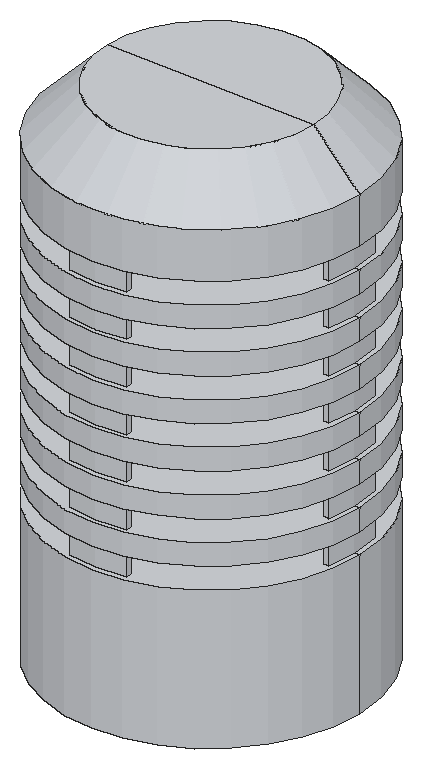
Revit family
Parameters (values of type "SBSP-003.5")
  Width = 2' - 4"
  URL = "www.strombergarchitectural.com"
  Top Material = GFRC
  Submittal Sheet = "www.strombergarchitectural.com/images/materials/gfrc/submittal/gfrc-submittal-sheet.pdf"
  Specifications = "www.strombergarchitectural.com/gfrcspecifications"
  Model Cut-sheet = "www.strombergarchitectural.com/products/bollards/design/SBSP-003"
  Model = "SBSP-003"
  Manufacturer = "Stromberg Architectural Products"
  Guidebook = "www.strombergarchitectural.com/images/materials/gfrc/handbooks/gfrc_guidebook.pdf"
  Frame Material = none
  Description = "GFRC Bollard"
  Assembly Code = ""
  Height = 4' - 0"
  XXX.5 = yes
  XXX.4 = no
  XXX.3 = no
  XXX.2 = no
  XXX.1 = no
Types (6): name | Width | Guidebook | Height | XXX.5 | XXX.4 | XXX.3 | XXX.2 | XXX.1
  (no name) | 2' - 4" | "www.strombergarchitectural.com/images/materials/gfrc/handbooks/gfrc_guidebook.pdf" | 4' - 0" | yes | no | no | no | no
  SBSP-003.3 | 1' - 9" | "www.strombergarchitectural.com/images/materials/gfrc/handbooks/gfrc_guidebook.pdf" | 3' - 0" | no | no | yes | no | no
  SBSP-003.1 | 1' - 0" | "www.strombergarchitectural.com/images/materials/gfrc/handbooks/gfrc_guidebook.pdf   \r\n(http://www.strombergarchitectural.com/images/materials/gfrc/handbooks/gfrc_guidebook.pdf" | 2' - 0" | no | no | no | no | yes
  SBSP-003.2 | 1' - 4" | "www.strombergarchitectural.com/images/materials/gfrc/handbooks/gfrc_guidebook.pdf" | 2' - 6" | no | no | no | yes | no
  SBSP-003.4 | 2' - 0" | "www.strombergarchitectural.com/images/materials/gfrc/handbooks/gfrc_guidebook.pdf" | 3' - 6" | no | yes | no | no | no
  SBSP-003.5 | 2' - 4" | "www.strombergarchitectural.com/images/materials/gfrc/handbooks/gfrc_guidebook.pdf" | 4' - 0" | yes | no | no | no | no
Reference planes (in)
  plane 1 "Center (Front/Back)": y = 3.74847
  plane 2: z = 0
  plane 3 "Center (Left/Right)": x = 0.7278
  plane 4 "Front": y = -3.25153
  plane 5 "Back": y = 10.74847
  plane 6 "Left": x = -17.2722
  plane 7 "Right": x = 18.7278
  plane 8: x = -1.93887
  plane 9: x = 3.39447
Forms (in)
  Revolve 1, solid, visible <- "XXX.1"
    sketch origin (0, 3.74847, 0) x (1, 0, 0) y (0, 0, 1)
      loop
        line (0.7278, 24) -> (-3.10553, 24) -> (-5.2722, 21.83333) -> (-5.2722, 19.66667) -> (-4.93887, 19.66667) -> (0.7278, 19.66667) -> (0.7278, 24)
      loop
        line (-5.2722, 18.66667) -> (-5.2722, 17.66667) -> (0.7278, 17.66667) -> (0.7278, 18.66667) -> (-5.2722, 18.66667)
      loop
        line (-5.2722, 16.66667) -> (-5.2722, 15.66667) -> (0.7278, 15.66667) -> (0.7278, 16.66667) -> (-5.2722, 16.66667)
      loop
        line (-5.2722, 14.66667) -> (-5.2722, 13.66667) -> (0.7278, 13.66667) -> (0.7278, 14.66667) -> (-5.2722, 14.66667)
      loop
        line (-5.2722, 12.66667) -> (-5.2722, 11.66667) -> (0.7278, 11.66667) -> (0.7278, 12.66667) -> (-5.2722, 12.66667)
      loop
        line (-5.2722, 10.66667) -> (-5.2722, 9.66667) -> (0.7278, 9.66667) -> (0.7278, 10.66667) -> (-5.2722, 10.66667)
      loop
        line (-5.2722, 8.66667) -> (-5.2722, 7.66667) -> (0.7278, 7.66667) -> (0.7278, 8.66667) -> (-5.2722, 8.66667)
      loop
        line (-5.2722, 6.66667) -> (-5.2722, 0) -> (0.7278, 0) -> (0.7278, 6.66667) -> (-5.2722, 6.66667)
      axis (0.7278, 0) -> (0.7278, 24)
    angle from 0 to 360
  Extrusion 2, solid, visible <- "XXX.1"
    sketch origin (0, 0, 0) x (1, 0, 0) y (0, 1, 0)
      loop
        arc (2.05593, 9.09963) -> (0.7278, 9.24128) -> (-0.60032, 9.09963) r 6.29686
        line (-0.60032, 9.09963) -> (-0.60032, 8.59963) -> (2.05593, 8.59963) -> (2.05593, 9.09963)
      loop
        arc (-0.60032, -1.60269) -> (0.7278, -1.75153) -> (2.05593, -1.60269) r 6
        line (2.05593, -1.60269) -> (2.05593, -1.10269) -> (-0.60032, -1.10269) -> (-0.60032, -1.60269)
      loop
        arc (-4.60032, 5.07659) -> (-4.77292, 3.76451) -> (-4.60032, 2.45243) r 5.07367
        line (-4.60032, 2.45243) -> (-4.10032, 2.45243) -> (-4.10032, 5.07659) -> (-4.60032, 5.07659)
      loop
        arc (6.07896, 2.42034) -> (6.2278, 3.74847) -> (6.07896, 5.07659) r 6
        line (6.07896, 5.07659) -> (5.57896, 5.07659) -> (5.57896, 2.42034) -> (6.07896, 2.42034)
    from 6.66667 to 19.58333
  Revolve 3, solid, visible <- "XXX.2"
    sketch origin (0, 3.74847, 0) x (1, 0, 0) y (0, 0, 1)
      loop
        line (0.7278, 30.07069) -> (-4.56387, 30.07069) -> (-7.2722, 27.36236) -> (-7.2722, 24.65403) -> (0.7278, 24.65403) -> (0.7278, 30.07069)
      loop
        line (0.7278, 23.40403) -> (-7.2722, 23.40403) -> (-7.2722, 22.15403) -> (0.7278, 22.15403) -> (0.7278, 23.40403)
      loop
        line (0.7278, 20.90403) -> (-7.2722, 20.90403) -> (-7.2722, 19.65403) -> (0.7278, 19.65403) -> (0.7278, 20.90403)
      loop
        line (0.7278, 18.40403) -> (-7.2722, 18.40403) -> (-7.2722, 17.15403) -> (0.7278, 17.15403) -> (0.7278, 18.40403)
      loop
        line (0.7278, 15.90403) -> (-7.2722, 15.90403) -> (-7.2722, 14.65403) -> (0.7278, 14.65403) -> (0.7278, 15.90403)
      loop
        line (0.7278, 13.40403) -> (-7.2722, 13.40403) -> (-7.2722, 12.15403) -> (0.7278, 12.15403) -> (0.7278, 13.40403)
      loop
        line (0.7278, 10.90403) -> (-7.2722, 10.90403) -> (-7.2722, 9.65403) -> (0.7278, 9.65403) -> (0.7278, 10.90403)
      loop
        line (0.7278, 8.40403) -> (-7.2722, 8.40403) -> (-7.2722, 0.07069) -> (0.7278, 0.07069) -> (0.7278, 8.40403)
      axis (0.7278, 30.07069) -> (0.7278, 0.07069)
    angle from 0 to 360
  Extrusion 4, solid, visible <- "XXX.2"
    sketch origin (0, 0, 0) x (1, 0, 0) y (0, 1, 0)
      loop
        arc (2.39968, 11.07182) -> (0.7278, 11.24847) -> (-0.94407, 11.07182) r 8
        line (-0.94407, 11.07182) -> (-0.94407, 10.57182) -> (2.39968, 10.57182) -> (2.39968, 11.07182)
      loop
        line (8.05115, 5.42034) -> (7.55115, 5.42034) -> (7.55115, 2.07659) -> (8.05115, 2.07659)
        arc (8.05115, 2.07659) -> (8.2278, 3.74847) -> (8.05115, 5.42034) r 8
      loop
        line (2.39968, -3.57488) -> (2.39968, -3.07488) -> (-0.94407, -3.07488) -> (-0.94407, -3.57488)
        arc (-0.94407, -3.57488) -> (0.7278, -3.75153) -> (2.39968, -3.57488) r 8
      loop
        arc (-6.59555, 5.42034) -> (-6.7722, 3.74847) -> (-6.59555, 2.07659) r 8
        line (-6.59555, 2.07659) -> (-6.09555, 2.07659) -> (-6.09555, 5.42034) -> (-6.59555, 5.42034)
    from 8.40403 to 24.65403
  Revolve 5, solid, visible <- "XXX.3"
    sketch origin (0, 3.74847, 0) x (1, 0, 0) y (0, 0, 1)
      loop
        line (0.7278, 36.07069) -> (-6.5222, 36.07069) -> (-9.7722, 32.82069) -> (-9.7722, 29.57069) -> (0.7278, 29.57069) -> (0.7278, 36.07069)
      loop
        line (0.7278, 28.07069) -> (-9.7722, 28.07069) -> (-9.7722, 26.57069) -> (0.7278, 26.57069) -> (0.7278, 28.07069)
      loop
        line (0.7278, 25.07069) -> (-9.7722, 25.07069) -> (-9.7722, 23.57069) -> (0.7278, 23.57069) -> (0.7278, 25.07069)
      loop
        line (0.7278, 22.07069) -> (-9.7722, 22.07069) -> (-9.7722, 20.64702) -> (0.7278, 20.64702) -> (0.7278, 22.07069)
      loop
        line (0.7278, 19.07069) -> (-9.7722, 19.07069) -> (-9.7722, 17.57069) -> (0.7278, 17.57069) -> (0.7278, 19.07069)
      loop
        line (0.7278, 16.07069) -> (-9.7722, 16.07069) -> (-9.7722, 14.57069) -> (0.7278, 14.57069) -> (0.7278, 16.07069)
      loop
        line (0.7278, 13.07069) -> (-9.7722, 13.07069) -> (-9.7722, 11.57069) -> (0.7278, 11.57069) -> (0.7278, 13.07069)
      loop
        line (0.7278, 10.07069) -> (-9.7722, 10.07069) -> (-9.7722, 0) -> (0.7278, 0) -> (0.7278, 10.07069)
      axis (0.7278, 36.07069) -> (0.7278, 0)
    angle from 0 to 360
  Extrusion 6, solid, visible <- "XXX.3"
    sketch origin (0, 0, 0) x (1, 0, 0) y (0, 1, 0)
      loop
        arc (2.7278, 13.55623) -> (0.7278, 13.74847) -> (-1.2722, 13.55623) r 10.5
        line (-1.2722, 13.55623) -> (-1.2722, 13.05623) -> (2.7278, 13.05623) -> (2.7278, 13.55623)
      loop
        line (10.53556, 5.74847) -> (10.03556, 5.74847) -> (10.03556, 1.74847) -> (10.53556, 1.74847)
        arc (10.53556, 1.74847) -> (10.7278, 3.74847) -> (10.53556, 5.74847) r 10.5
      loop
        arc (-9.07996, 5.74847) -> (-9.2722, 3.74847) -> (-9.07996, 1.74847) r 10.5
        line (-9.07996, 1.74847) -> (-8.57996, 1.74847) -> (-8.57996, 5.74847) -> (-9.07996, 5.74847)
      loop
        line (2.7278, -6.0593) -> (2.7278, -5.5593) -> (-1.2722, -5.5593) -> (-1.2722, -6.0593)
        arc (-1.2722, -6.0593) -> (0.7278, -6.25153) -> (2.7278, -6.0593) r 10.5
    from 10.07069 to 29.57069
  Revolve 7, solid, visible <- "XXX.4"
    sketch origin (0, 3.74847, 0) x (1, 0, 0) y (0, 0, 1)
      loop
        line (0.7278, 11.73736) -> (-11.2722, 11.73736) -> (-11.2722, 0) -> (0.7278, 0) -> (0.7278, 11.73736)
      loop
        line (0.7278, 15.23736) -> (-11.2722, 15.23736) -> (-11.2722, 13.48736) -> (0.7278, 13.48736) -> (0.7278, 15.23736)
      loop
        line (0.7278, 18.73736) -> (-11.2722, 18.73736) -> (-11.2722, 16.98736) -> (0.7278, 16.98736) -> (0.7278, 18.73736)
      loop
        line (0.7278, 22.23736) -> (-11.2722, 22.23736) -> (-11.2722, 20.48736) -> (0.7278, 20.48736) -> (0.7278, 22.23736)
      loop
        line (0.7278, 25.73736) -> (-11.2722, 25.73736) -> (-11.2722, 23.98736) -> (0.7278, 23.98736) -> (0.7278, 25.73736)
      loop
        line (0.7278, 29.23736) -> (-11.2722, 29.23736) -> (-11.2722, 27.48736) -> (0.7278, 27.48736) -> (0.7278, 29.23736)
      loop
        line (0.7278, 32.73736) -> (-11.2722, 32.73736) -> (-11.2722, 30.98736) -> (0.7278, 30.98736) -> (0.7278, 32.73736)
      loop
        line (0.7278, 42.07069) -> (-7.48053, 42.07069) -> (-11.2722, 38.27903) -> (-11.2722, 34.48736) -> (0.7278, 34.48736) -> (0.7278, 42.07069)
      axis (0.7278, 42.07069) -> (0.7278, 0)
    angle from 0 to 360
  Extrusion 8, solid, visible <- "XXX.4"
    sketch origin (0, 0, 0) x (1, 0, 0) y (0, 1, 0)
      loop
        arc (3.06113, 15.01943) -> (0.7278, 15.24847) -> (-1.60553, 15.01943) r 12
        line (-1.60553, 15.01943) -> (-1.60553, 14.51943) -> (3.06113, 14.51943) -> (3.06113, 15.01943)
      loop
        line (11.99876, 6.0818) -> (11.49876, 6.0818) -> (11.49876, 1.41513) -> (11.99876, 1.41513)
        arc (11.99876, 1.41513) -> (12.2278, 3.74847) -> (11.99876, 6.0818) r 12
      loop
        arc (-10.54316, 6.0818) -> (-10.7722, 3.74847) -> (-10.54316, 1.41513) r 12
        line (-10.54316, 1.41513) -> (-10.04316, 1.41513) -> (-10.04316, 6.0818) -> (-10.54316, 6.0818)
      loop
        line (3.06113, -7.52249) -> (3.06113, -7.02249) -> (-1.60553, -7.02249) -> (-1.60553, -7.52249)
        arc (-1.60553, -7.52249) -> (0.7278, -7.75153) -> (3.06113, -7.52249) r 12
    from 11.73736 to 34.48736
  Revolve 9, solid, visible <- "XXX.5"
    sketch origin (0, 3.74847, 0) x (1, 0, 0) y (0, 0, 1)
      loop
        line (0.7278, 48.07069) -> (-8.93887, 48.07069) -> (-13.2722, 43.73736) -> (-13.2722, 39.40403) -> (0.7278, 39.40403) -> (0.7278, 48.07069)
      loop
        line (0.7278, 37.40403) -> (-13.2722, 37.40403) -> (-13.2722, 35.40403) -> (0.7278, 35.40403) -> (0.7278, 37.40403)
      loop
        line (0.7278, 33.40403) -> (-13.2722, 33.40403) -> (-13.2722, 31.40403) -> (0.7278, 31.40403) -> (0.7278, 33.40403)
      loop
        line (0.7278, 29.40403) -> (-13.2722, 29.40403) -> (-13.2722, 27.40403) -> (0.7278, 27.40403) -> (0.7278, 29.40403)
      loop
        line (0.7278, 25.40403) -> (-13.2722, 25.40403) -> (-13.2722, 23.40403) -> (0.7278, 23.40403) -> (0.7278, 25.40403)
      loop
        line (0.7278, 21.40403) -> (-13.2722, 21.40403) -> (-13.2722, 19.40403) -> (0.7278, 19.40403) -> (0.7278, 21.40403)
      loop
        line (0.7278, 17.40403) -> (-13.2722, 17.40403) -> (-13.2722, 15.40403) -> (0.7278, 15.40403) -> (0.7278, 17.40403)
      loop
        line (0.7278, 13.40403) -> (-13.2722, 13.40403) -> (-13.2722, 0.07069) -> (0.7278, 0.07069) -> (0.7278, 13.40403)
      axis (0.7278, 48.07069) -> (0.7278, 0.07069)
    angle from 0 to 360
  Extrusion 10, solid, visible <- "XXX.5"
    sketch origin (0, 0, 0) x (1, 0, 0) y (0, 1, 0)
      loop
        arc (3.39447, 16.99215) -> (0.7278, 17.24847) -> (-1.93887, 16.99215) r 14
        line (-1.93887, 16.99215) -> (-1.93887, 16.49215) -> (3.39447, 16.49215) -> (3.39447, 16.99215)
      loop
        line (13.97149, 6.41513) -> (13.47149, 6.41513) -> (13.47149, 1.0818) -> (13.97149, 1.0818)
        arc (13.97149, 1.0818) -> (14.2278, 3.74847) -> (13.97149, 6.41513) r 14
      loop
        arc (-12.51589, 6.41513) -> (-12.7722, 3.74847) -> (-12.51589, 1.0818) r 14
        line (-12.51589, 1.0818) -> (-12.01589, 1.0818) -> (-12.01589, 6.41513) -> (-12.51589, 6.41513)
      loop
        line (3.39447, -9.49522) -> (3.39447, -8.99522) -> (-1.93887, -8.99522) -> (-1.93887, -9.49522)
        arc (-1.93887, -9.49522) -> (0.7278, -9.75153) -> (3.39447, -9.49522) r 14
    from 13.40403 to 39.40403
Cuts and joins
  joined: Revolve 1, Extrusion 2
  joined: Revolve 3, Extrusion 4
  joined: Revolve 5, Extrusion 6
  joined: Revolve 7, Extrusion 8
  joined: Revolve 9, Extrusion 10
Dimensions and locks (in)
  aligned and locked: level to plane 2
